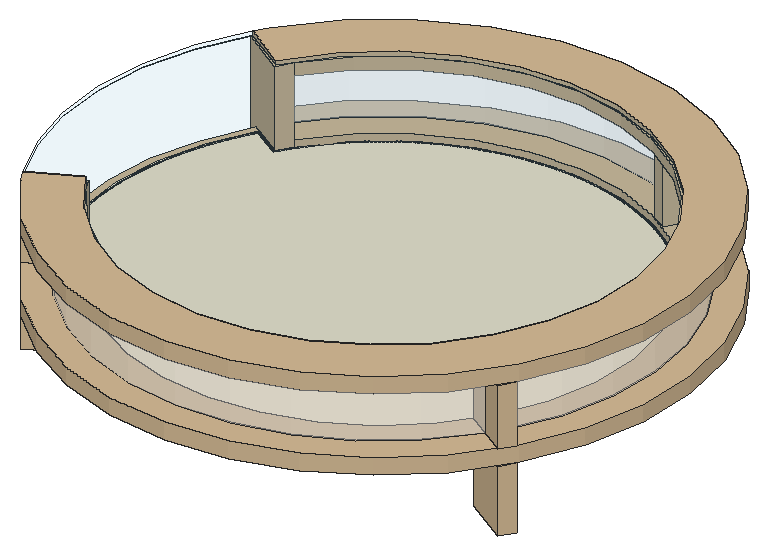
Revit family "MESA DE CENTRO M.A. 1,10M", category Modelos genéricos, Revit 2024 (continued)
Forms (cm)
  Extrusion 114, solid, material "COURO"
    sketch origin (1341.6384, -49.72, 4.1881) x (0.997871, 0.06522, 0) y (-0.06522, 0.997871, 0)
      loop
        arc (683.405, -74.3579) -> (683.4547, -74.503) -> (683.5052, -74.6479) r 26.2
        line (683.5052, -74.6479) -> (683.6068, -74.6354)
        arc (683.6068, -74.6354) -> (683.5562, -74.4906) -> (683.5064, -74.3454) r 26.1
        line (683.5064, -74.3454) -> (683.405, -74.3579)
    from 44.4346 to 44.4509
  Extrusion 115, solid, material "COURO"
    sketch origin (1341.5556, -55.9756, 4.1881) x (0.99728, 0.073706, 0) y (-0.073706, 0.99728, 0)
      loop
        arc (683.405, -74.3579) -> (683.4547, -74.503) -> (683.5052, -74.6479) r 26.2
        line (683.5052, -74.6479) -> (683.6068, -74.6354)
        arc (683.6068, -74.6354) -> (683.5562, -74.4906) -> (683.5064, -74.3454) r 26.1
        line (683.5064, -74.3454) -> (683.405, -74.3579)
    from 44.4346 to 44.4509
  Extrusion 116, solid, material "COURO"
    sketch origin (1341.526, -62.2316, 4.1881) x (0.996617, 0.082187, 0) y (-0.082187, 0.996617, 0)
      loop
        arc (683.405, -74.3579) -> (683.4547, -74.503) -> (683.5052, -74.6479) r 26.2
        line (683.5052, -74.6479) -> (683.6068, -74.6354)
        arc (683.6068, -74.6354) -> (683.5562, -74.4906) -> (683.5064, -74.3454) r 26.1
        line (683.5064, -74.3454) -> (683.405, -74.3579)
    from 44.4346 to 44.4509
  Extrusion 117, solid, material "COURO"
    sketch origin (1341.5497, -68.4876, 4.1881) x (0.995882, 0.090662, 0) y (-0.090662, 0.995882, 0)
      loop
        arc (683.405, -74.3579) -> (683.4547, -74.503) -> (683.5052, -74.6479) r 26.2
        line (683.5052, -74.6479) -> (683.6068, -74.6354)
        arc (683.6068, -74.6354) -> (683.5562, -74.4906) -> (683.5064, -74.3454) r 26.1
        line (683.5064, -74.3454) -> (683.405, -74.3579)
    from 44.4346 to 44.4509
  Extrusion 118, solid, material "COURO"
    sketch origin (1341.6265, -74.7433, 4.1881) x (0.995074, 0.09913, 0) y (-0.09913, 0.995074, 0)
      loop
        arc (683.405, -74.3579) -> (683.4547, -74.503) -> (683.5052, -74.6479) r 26.2
        line (683.5052, -74.6479) -> (683.6068, -74.6354)
        arc (683.6068, -74.6354) -> (683.5562, -74.4906) -> (683.5064, -74.3454) r 26.1
        line (683.5064, -74.3454) -> (683.405, -74.3579)
    from 44.4346 to 44.4509
  Extrusion 119, solid, material "COURO"
    sketch origin (1341.7566, -80.998, 4.1881) x (0.994195, 0.107591, 0) y (-0.107591, 0.994195, 0)
      loop
        arc (683.405, -74.3579) -> (683.4547, -74.503) -> (683.5052, -74.6479) r 26.2
        line (683.5052, -74.6479) -> (683.6068, -74.6354)
        arc (683.6068, -74.6354) -> (683.5562, -74.4906) -> (683.5064, -74.3454) r 26.1
        line (683.5064, -74.3454) -> (683.405, -74.3579)
    from 44.4346 to 44.4509
  Extrusion 120, solid, material "COURO"
    sketch origin (1341.9399, -87.2514, 4.1881) x (0.993244, 0.116044, 0) y (-0.116044, 0.993244, 0)
      loop
        arc (683.405, -74.3579) -> (683.4547, -74.503) -> (683.5052, -74.6479) r 26.2
        line (683.5052, -74.6479) -> (683.6068, -74.6354)
        arc (683.6068, -74.6354) -> (683.5562, -74.4906) -> (683.5064, -74.3454) r 26.1
        line (683.5064, -74.3454) -> (683.405, -74.3579)
    from 44.4346 to 44.4509
  Extrusion 121, solid, material "COURO"
    sketch origin (1342.1764, -93.5031, 4.1881) x (0.992221, 0.124489, 0) y (-0.124489, 0.992221, 0)
      loop
        arc (683.405, -74.3579) -> (683.4547, -74.503) -> (683.5052, -74.6479) r 26.2
        line (683.5052, -74.6479) -> (683.6068, -74.6354)
        arc (683.6068, -74.6354) -> (683.5562, -74.4906) -> (683.5064, -74.3454) r 26.1
        line (683.5064, -74.3454) -> (683.405, -74.3579)
    from 44.4346 to 44.4509
  Extrusion 122, solid, material "COURO"
    sketch origin (1342.466, -99.7525, 4.1881) x (0.991126, 0.132925, 0) y (-0.132925, 0.991126, 0)
      loop
        arc (683.405, -74.3579) -> (683.4547, -74.503) -> (683.5052, -74.6479) r 26.2
        line (683.5052, -74.6479) -> (683.6068, -74.6354)
        arc (683.6068, -74.6354) -> (683.5562, -74.4906) -> (683.5064, -74.3454) r 26.1
        line (683.5064, -74.3454) -> (683.405, -74.3579)
    from 44.4346 to 44.4509
  Extrusion 123, solid, material "COURO"
    sketch origin (1342.8088, -105.9992, 4.1881) x (0.989959, 0.141351, 0) y (-0.141351, 0.989959, 0)
      loop
        arc (683.405, -74.3579) -> (683.4547, -74.503) -> (683.5052, -74.6479) r 26.2
        line (683.5052, -74.6479) -> (683.6068, -74.6354)
        arc (683.6068, -74.6354) -> (683.5562, -74.4906) -> (683.5064, -74.3454) r 26.1
        line (683.5064, -74.3454) -> (683.405, -74.3579)
    from 44.4346 to 44.4509
  Extrusion 124, solid, material "COURO"
    sketch origin (1343.2047, -112.2427, 4.1881) x (0.988721, 0.149767, 0) y (-0.149767, 0.988721, 0)
      loop
        arc (683.405, -74.3579) -> (683.4547, -74.503) -> (683.5052, -74.6479) r 26.2
        line (683.5052, -74.6479) -> (683.6068, -74.6354)
        arc (683.6068, -74.6354) -> (683.5562, -74.4906) -> (683.5064, -74.3454) r 26.1
        line (683.5064, -74.3454) -> (683.405, -74.3579)
    from 44.4346 to 44.4509
  Extrusion 125, solid, material "COURO"
    sketch origin (1343.6537, -118.4827, 4.1881) x (0.987411, 0.158173, 0) y (-0.158173, 0.987411, 0)
      loop
        arc (683.405, -74.3579) -> (683.4547, -74.503) -> (683.5052, -74.6479) r 26.2
        line (683.5052, -74.6479) -> (683.6068, -74.6354)
        arc (683.6068, -74.6354) -> (683.5562, -74.4906) -> (683.5064, -74.3454) r 26.1
        line (683.5064, -74.3454) -> (683.405, -74.3579)
    from 44.4346 to 44.4509
  Extrusion 126, solid, material "COURO"
    sketch origin (1344.1558, -124.7186, 4.1881) x (0.98603, 0.166566, 0) y (-0.166566, 0.98603, 0)
      loop
        arc (683.405, -74.3579) -> (683.4547, -74.503) -> (683.5052, -74.6479) r 26.2
        line (683.5052, -74.6479) -> (683.6068, -74.6354)
        arc (683.6068, -74.6354) -> (683.5562, -74.4906) -> (683.5064, -74.3454) r 26.1
        line (683.5064, -74.3454) -> (683.405, -74.3579)
    from 44.4346 to 44.4509
  Extrusion 127, solid, material "COURO"
    sketch origin (1344.7109, -130.95, 4.1881) x (0.984578, 0.174948, 0) y (-0.174948, 0.984578, 0)
      loop
        arc (683.405, -74.3579) -> (683.4547, -74.503) -> (683.5052, -74.6479) r 26.2
        line (683.5052, -74.6479) -> (683.6068, -74.6354)
        arc (683.6068, -74.6354) -> (683.5562, -74.4906) -> (683.5064, -74.3454) r 26.1
        line (683.5064, -74.3454) -> (683.405, -74.3579)
    from 44.4346 to 44.4509
  Extrusion 128, solid, material "COURO"
    sketch origin (1345.319, -137.1765, 4.1881) x (0.983054, 0.183317, 0) y (-0.183317, 0.983054, 0)
      loop
        arc (683.405, -74.3579) -> (683.4547, -74.503) -> (683.5052, -74.6479) r 26.2
        line (683.5052, -74.6479) -> (683.6068, -74.6354)
        arc (683.6068, -74.6354) -> (683.5562, -74.4906) -> (683.5064, -74.3454) r 26.1
        line (683.5064, -74.3454) -> (683.405, -74.3579)
    from 44.4346 to 44.4509
  Extrusion 129, solid, material "COURO"
    sketch origin (1345.98, -143.3976, 4.1881) x (0.981459, 0.191673, 0) y (-0.191673, 0.981459, 0)
      loop
        arc (683.405, -74.3579) -> (683.4547, -74.503) -> (683.5052, -74.6479) r 26.2
        line (683.5052, -74.6479) -> (683.6068, -74.6354)
        arc (683.6068, -74.6354) -> (683.5562, -74.4906) -> (683.5064, -74.3454) r 26.1
        line (683.5064, -74.3454) -> (683.405, -74.3579)
    from 44.4346 to 44.4509
  Extrusion 130, solid, material "COURO"
    sketch origin (1346.694, -149.6128, 4.1881) x (0.979793, 0.200015, 0) y (-0.200015, 0.979793, 0)
      loop
        arc (683.405, -74.3579) -> (683.4547, -74.503) -> (683.5052, -74.6479) r 26.2
        line (683.5052, -74.6479) -> (683.6068, -74.6354)
        arc (683.6068, -74.6354) -> (683.5562, -74.4906) -> (683.5064, -74.3454) r 26.1
        line (683.5064, -74.3454) -> (683.405, -74.3579)
    from 44.4346 to 44.4509
  Extrusion 131, solid, material "COURO"
    sketch origin (1347.4608, -155.8218, 4.1881) x (0.978056, 0.208342, 0) y (-0.208342, 0.978056, 0)
      loop
        arc (683.405, -74.3579) -> (683.4547, -74.503) -> (683.5052, -74.6479) r 26.2
        line (683.5052, -74.6479) -> (683.6068, -74.6354)
        arc (683.6068, -74.6354) -> (683.5562, -74.4906) -> (683.5064, -74.3454) r 26.1
        line (683.5064, -74.3454) -> (683.405, -74.3579)
    from 44.4346 to 44.4509
  Extrusion 132, solid, material "COURO"
    sketch origin (1348.2803, -162.024, 4.1881) x (0.976248, 0.216654, 0) y (-0.216654, 0.976248, 0)
      loop
        arc (683.405, -74.3579) -> (683.4547, -74.503) -> (683.5052, -74.6479) r 26.2
        line (683.5052, -74.6479) -> (683.6068, -74.6354)
        arc (683.6068, -74.6354) -> (683.5562, -74.4906) -> (683.5064, -74.3454) r 26.1
        line (683.5064, -74.3454) -> (683.405, -74.3579)
    from 44.4346 to 44.4509
  Extrusion 133, solid, material "COURO"
    sketch origin (1601.5802, -623.7992, 4.1881) x (0.707107, 0.707107, 0) y (-0.707107, 0.707107, 0)
      loop
        line (683.7058, 74.3891) -> (683.6799, 74.2925) -> (683.9697, 74.2148) -> (683.9956, 74.3114) -> (683.7058, 74.3891)
      loop
        line (684.0922, 74.2856) -> (684.0663, 74.189) -> (684.3561, 74.1113) -> (684.382, 74.2079) -> (684.0922, 74.2856)
      loop
        line (684.4786, 74.182) -> (684.4527, 74.0854) -> (684.7425, 74.0078) -> (684.7683, 74.1044) -> (684.4786, 74.182)
      loop
        line (684.8649, 74.0785) -> (684.8391, 73.9819) -> (685.1288, 73.9043) -> (685.1547, 74.0009) -> (684.8649, 74.0785)
      loop
        line (685.2513, 73.975) -> (685.2254, 73.8784) -> (685.5152, 73.8007) -> (685.5411, 73.8973) -> (685.2513, 73.975)
      loop
        line (685.6377, 73.8714) -> (685.6118, 73.7749) -> (685.9016, 73.6972) -> (685.9275, 73.7938) -> (685.6377, 73.8714)
      loop
        line (686.024, 73.7679) -> (685.9982, 73.6713) -> (686.2879, 73.5937) -> (686.3138, 73.6903) -> (686.024, 73.7679)
      loop
        line (686.4104, 73.6644) -> (686.3845, 73.5678) -> (686.6743, 73.4902) -> (686.7002, 73.5867) -> (686.4104, 73.6644)
      loop
        line (686.7968, 73.5609) -> (686.7709, 73.4643) -> (687.0607, 73.3866) -> (687.0866, 73.4832) -> (686.7968, 73.5609)
      loop
        line (687.1832, 73.4573) -> (687.1573, 73.3607) -> (687.4471, 73.2831) -> (687.4729, 73.3797) -> (687.1832, 73.4573)
      loop
        line (687.5695, 73.3538) -> (687.5436, 73.2572) -> (687.8334, 73.1796) -> (687.8593, 73.2762) -> (687.5695, 73.3538)
      loop
        line (687.9559, 73.2503) -> (687.93, 73.1537) -> (688.2198, 73.076) -> (688.2457, 73.1726) -> (687.9559, 73.2503)
      loop
        line (688.3423, 73.1468) -> (688.3164, 73.0502) -> (688.6062, 72.9725) -> (688.632, 73.0691) -> (688.3423, 73.1468)
      loop
        line (688.7286, 73.0432) -> (688.7028, 72.9466) -> (688.9925, 72.869) -> (689.0184, 72.9656) -> (688.7286, 73.0432)
      loop
        line (689.115, 72.9397) -> (689.0891, 72.8431) -> (689.3789, 72.7655) -> (689.4048, 72.8621) -> (689.115, 72.9397)
      loop
        line (689.5014, 72.8362) -> (689.4755, 72.7396) -> (689.7653, 72.6619) -> (689.7912, 72.7585) -> (689.5014, 72.8362)
      loop
        line (683.8043, 74.9603) -> (683.7092, 74.9912) -> (683.6165, 74.7059) -> (683.7116, 74.675) -> (683.8043, 74.9603)
      loop
        line (683.6745, 74.5609) -> (683.5794, 74.5918) -> (683.4867, 74.3065) -> (683.5818, 74.2756) -> (683.6745, 74.5609)
    from 44.4346 to 44.4509
  Extrusion 134, solid, material "COURO"
    sketch origin (2864.7494, -237.4002, 48.6389) x (-0.963366, 0.268189, 0) y (-0.268189, -0.963366, 0)
      loop
        line (762.865, 30.5602) -> (762.9664, 30.6028) -> (762.8502, 30.8794) -> (762.7488, 30.8367) -> (762.865, 30.5602)
    from 0 to 0.0248
  Extrusion 135, solid, material "COURO"
    sketch origin (1355.2306, -198.799, 48.6389) x (0.964735, 0.263221, 0) y (-0.263221, 0.964735, 0)
      loop
        line (688.6838, -70.2123) -> (688.7852, -70.1697) -> (688.669, -69.8931) -> (688.5676, -69.9357) -> (688.6838, -70.2123)
    from 0 to 0.0248
  Extrusion 136, solid, material "COURO"
    sketch origin (1357.0891, -208.2748, 48.6389) x (0.961191, 0.275884, 0) y (-0.275884, 0.961191, 0)
      loop
        line (688.6838, -70.2123) -> (688.7852, -70.1697) -> (688.669, -69.8931) -> (688.5676, -69.9357) -> (688.6838, -70.2123)
    from 0 to 0.0248
  Extrusion 137, solid, material "COURO"
    sketch origin (1359.0722, -217.7253, 48.6389) x (0.95748, 0.2885, 0) y (-0.2885, 0.95748, 0)
      loop
        line (688.6838, -70.2123) -> (688.7852, -70.1697) -> (688.669, -69.8931) -> (688.5676, -69.9357) -> (688.6838, -70.2123)
    from 0 to 0.0248
  Extrusion 138, solid, material "COURO"
    sketch origin (1361.1793, -227.1489, 48.6389) x (0.953603, 0.301066, 0) y (-0.301066, 0.953603, 0)
      loop
        line (688.6838, -70.2123) -> (688.7852, -70.1697) -> (688.669, -69.8931) -> (688.5676, -69.9357) -> (688.6838, -70.2123)
    from 0 to 0.0248
  Extrusion 139, solid, material "COURO"
    sketch origin (1363.4102, -236.5439, 48.6389) x (0.949562, 0.313579, 0) y (-0.313579, 0.949562, 0)
      loop
        line (688.6838, -70.2123) -> (688.7852, -70.1697) -> (688.669, -69.8931) -> (688.5676, -69.9357) -> (688.6838, -70.2123)
    from 0 to 0.0248
  Extrusion 140, solid, material "COURO"
    sketch origin (1328.4924, -365.3607, 48.6389) x (0.945356, 0.326039, 0) y (-0.326039, 0.945356, 0)
      loop
        line (762.865, 30.5602) -> (762.9664, 30.6028) -> (762.8502, 30.8794) -> (762.7488, 30.8367) -> (762.865, 30.5602)
    from 0 to 0.0248
  Extrusion 141, solid, material "COURO"
    sketch origin (1368.2415, -255.242, 48.6389) x (0.940987, 0.338442, 0) y (-0.338442, 0.940987, 0)
      loop
        line (688.6838, -70.2123) -> (688.7852, -70.1697) -> (688.669, -69.8931) -> (688.5676, -69.9357) -> (688.6838, -70.2123)
    from 0 to 0.0248
  Extrusion 142, solid, material "COURO"
    sketch origin (1370.8412, -264.5418, 48.6389) x (0.936456, 0.350786, 0) y (-0.350786, 0.936456, 0)
      loop
        line (688.6838, -70.2123) -> (688.7852, -70.1697) -> (688.669, -69.8931) -> (688.5676, -69.9357) -> (688.6838, -70.2123)
    from 0 to 0.0248
  Extrusion 143, solid, material "COURO"
    sketch origin (1373.563, -273.8066, 48.6389) x (0.931762, 0.36307, 0) y (-0.36307, 0.931762, 0)
      loop
        line (688.6838, -70.2123) -> (688.7852, -70.1697) -> (688.669, -69.8931) -> (688.5676, -69.9357) -> (688.6838, -70.2123)
    from 0 to 0.0248
  Extrusion 144, solid, material "COURO"
    sketch origin (1376.4063, -283.0348, 48.6389) x (0.926907, 0.375291, 0) y (-0.375291, 0.926907, 0)
      loop
        line (688.6838, -70.2123) -> (688.7852, -70.1697) -> (688.669, -69.8931) -> (688.5676, -69.9357) -> (688.6838, -70.2123)
    from 0 to 0.0248
  Extrusion 145, solid, material "COURO"
    sketch origin (1379.3307, -292.2448, 48.6389) x (0.921892, 0.387447, 0) y (-0.387447, 0.921892, 0)
      loop
        line (688.6838, -70.2123) -> (688.7852, -70.1697) -> (688.669, -69.8931) -> (688.5676, -69.9357) -> (688.6838, -70.2123)
    from 0 to 0.0248
  Extrusion 146, solid, material "COURO"
    sketch origin (1382.3758, -301.395, 48.6389) x (0.916717, 0.399536, 0) y (-0.399536, 0.916717, 0)
      loop
        line (688.6838, -70.2123) -> (688.7852, -70.1697) -> (688.669, -69.8931) -> (688.5676, -69.9357) -> (688.6838, -70.2123)
    from 0 to 0.0248
  Extrusion 147, solid, material "COURO"
    sketch origin (1359.4467, -432.9161, 48.6389) x (0.911384, 0.411556, 0) y (-0.411556, 0.911384, 0)
      loop
        line (762.865, 30.5602) -> (762.9664, 30.6028) -> (762.8502, 30.8794) -> (762.7488, 30.8367) -> (762.865, 30.5602)
    from 0 to 0.0248
  Extrusion 148, solid, material "COURO"
    sketch origin (1364.3827, -442.3151, 48.6389) x (0.905894, 0.423505, 0) y (-0.423505, 0.905894, 0)
      loop
        line (762.865, 30.5602) -> (762.9664, 30.6028) -> (762.8502, 30.8794) -> (762.7488, 30.8367) -> (762.865, 30.5602)
    from 0 to 0.0248
  Extrusion 149, solid, material "COURO"
    sketch origin (1369.4419, -451.6484, 48.6389) x (0.900246, 0.435381, 0) y (-0.435381, 0.900246, 0)
      loop
        line (762.865, 30.5602) -> (762.9664, 30.6028) -> (762.8502, 30.8794) -> (762.7488, 30.8367) -> (762.865, 30.5602)
    from 0 to 0.0248
  Extrusion 150, solid, material "COURO"
    sketch origin (1374.6234, -460.9144, 48.6389) x (0.894443, 0.447181, 0) y (-0.447181, 0.894443, 0)
      loop
        line (762.865, 30.5602) -> (762.9664, 30.6028) -> (762.8502, 30.8794) -> (762.7488, 30.8367) -> (762.865, 30.5602)
    from 0 to 0.0248
  Extrusion 151, solid, material "COURO"
    sketch origin (1379.9262, -470.1114, 48.6389) x (0.888486, 0.458904, 0) y (-0.458904, 0.888486, 0)
      loop
        line (762.865, 30.5602) -> (762.9664, 30.6028) -> (762.8502, 30.8794) -> (762.7488, 30.8367) -> (762.865, 30.5602)
    from 0 to 0.0248
  Extrusion 152, solid, material "COURO"
    sketch origin (1385.3496, -479.2379, 48.6389) x (0.882375, 0.470548, 0) y (-0.470548, 0.882375, 0)
      loop
        line (762.865, 30.5602) -> (762.9664, 30.6028) -> (762.8502, 30.8794) -> (762.7488, 30.8367) -> (762.865, 30.5602)
    from 0 to 0.0248
  Extrusion 153, solid, material "COURO"
    sketch origin (1390.8925, -488.2923, 48.6389) x (0.876111, 0.48211, 0) y (-0.48211, 0.876111, 0)
      loop
        line (762.865, 30.5602) -> (762.9664, 30.6028) -> (762.8502, 30.8794) -> (762.7488, 30.8367) -> (762.865, 30.5602)
    from 0 to 0.0248
  Extrusion 154, solid, material "COURO"
    sketch origin (1396.5539, -497.273, 48.6389) x (0.869695, 0.493589, 0) y (-0.493589, 0.869695, 0)
      loop
        line (762.865, 30.5602) -> (762.9664, 30.6028) -> (762.8502, 30.8794) -> (762.7488, 30.8367) -> (762.865, 30.5602)
    from 0 to 0.0248
  Extrusion 155, solid, material "COURO"
    sketch origin (1402.333, -506.1785, 48.6389) x (0.86313, 0.504983, 0) y (-0.504983, 0.86313, 0)
      loop
        line (762.865, 30.5602) -> (762.9664, 30.6028) -> (762.8502, 30.8794) -> (762.7488, 30.8367) -> (762.865, 30.5602)
    from 0 to 0.0248
  Extrusion 156, solid, material "COURO"
    sketch origin (1408.2287, -515.0073, 48.6389) x (0.856415, 0.516289, 0) y (-0.516289, 0.856415, 0)
      loop
        line (762.865, 30.5602) -> (762.9664, 30.6028) -> (762.8502, 30.8794) -> (762.7488, 30.8367) -> (762.865, 30.5602)
    from 0 to 0.0248
  Extrusion 157, solid, material "COURO"
    sketch origin (1414.2399, -523.7577, 48.6389) x (0.849551, 0.527506, 0) y (-0.527506, 0.849551, 0)
      loop
        line (762.865, 30.5602) -> (762.9664, 30.6028) -> (762.8502, 30.8794) -> (762.7488, 30.8367) -> (762.865, 30.5602)
    from 0 to 0.0248
  Extrusion 158, solid, material "COURO"
    sketch origin (1420.3657, -532.4284, 48.6389) x (0.842541, 0.538631, 0) y (-0.538631, 0.842541, 0)
      loop
        line (762.865, 30.5602) -> (762.9664, 30.6028) -> (762.8502, 30.8794) -> (762.7488, 30.8367) -> (762.865, 30.5602)
    from 0 to 0.0248
  Extrusion 159, solid, material "COURO"
    sketch origin (1426.605, -541.0177, 48.6389) x (0.835386, 0.549664, 0) y (-0.549664, 0.835386, 0)
      loop
        line (762.865, 30.5602) -> (762.9664, 30.6028) -> (762.8502, 30.8794) -> (762.7488, 30.8367) -> (762.865, 30.5602)
    from 0 to 0.0248
  Extrusion 160, solid, material "COURO"
    sketch origin (1432.9567, -549.5243, 48.6389) x (0.828086, 0.560602, 0) y (-0.560602, 0.828086, 0)
      loop
        line (762.865, 30.5602) -> (762.9664, 30.6028) -> (762.8502, 30.8794) -> (762.7488, 30.8367) -> (762.865, 30.5602)
    from 0 to 0.0248
  Extrusion 161, solid, material "COURO"
    sketch origin (1439.4198, -557.9466, 48.6389) x (0.820642, 0.571442, 0) y (-0.571442, 0.820642, 0)
      loop
        line (762.865, 30.5602) -> (762.9664, 30.6028) -> (762.8502, 30.8794) -> (762.7488, 30.8367) -> (762.865, 30.5602)
    from 0 to 0.0248
  Extrusion 162, solid, material "COURO"
    sketch origin (1445.993, -566.2831, 48.6389) x (0.813057, 0.582184, 0) y (-0.582184, 0.813057, 0)
      loop
        line (762.865, 30.5602) -> (762.9664, 30.6028) -> (762.8502, 30.8794) -> (762.7488, 30.8367) -> (762.865, 30.5602)
    from 0 to 0.0248
  Extrusion 163, solid, material "COURO"
    sketch origin (1452.6752, -449.4009, 48.6389) x (0.805331, 0.592825, 0) y (-0.592825, 0.805331, 0)
      loop
        line (688.6838, -70.2123) -> (688.7852, -70.1697) -> (688.669, -69.8931) -> (688.5676, -69.9357) -> (688.6838, -70.2123)
    from 0 to 0.0248
  Extrusion 164, solid, material "COURO"
    sketch origin (1459.4654, -582.6934, 48.6389) x (0.797466, 0.603364, 0) y (-0.603364, 0.797466, 0)
      loop
        line (762.865, 30.5602) -> (762.9664, 30.6028) -> (762.8502, 30.8794) -> (762.7488, 30.8367) -> (762.865, 30.5602)
    from 0 to 0.0248
  Extrusion 165, solid, material "COURO"
    sketch origin (1466.3623, -590.7643, 48.6389) x (0.789463, 0.613798, 0) y (-0.613798, 0.789463, 0)
      loop
        line (762.865, 30.5602) -> (762.9664, 30.6028) -> (762.8502, 30.8794) -> (762.7488, 30.8367) -> (762.865, 30.5602)
    from 0 to 0.0248
  Extrusion 166, solid, material "COURO"
    sketch origin (1473.3647, -598.7437, 48.6389) x (0.781323, 0.624126, 0) y (-0.624126, 0.781323, 0)
      loop
        line (762.865, 30.5602) -> (762.9664, 30.6028) -> (762.8502, 30.8794) -> (762.7488, 30.8367) -> (762.865, 30.5602)
    from 0 to 0.0248
  Extrusion 167, solid, material "COURO"
    sketch origin (1480.4714, -606.6304, 48.6389) x (0.773049, 0.634347, 0) y (-0.634347, 0.773049, 0)
      loop
        line (762.865, 30.5602) -> (762.9664, 30.6028) -> (762.8502, 30.8794) -> (762.7488, 30.8367) -> (762.865, 30.5602)
    from 0 to 0.0248
  Extrusion 168, solid, material "COURO"
    sketch origin (1487.6813, -614.423, 48.6389) x (0.764641, 0.644457, 0) y (-0.644457, 0.764641, 0)
      loop
        line (762.865, 30.5602) -> (762.9664, 30.6028) -> (762.8502, 30.8794) -> (762.7488, 30.8367) -> (762.865, 30.5602)
    from 0 to 0.0248
  Extrusion 169, solid, material "COURO"
    sketch origin (1494.9929, -622.1201, 48.6389) x (0.7561, 0.654456, 0) y (-0.654456, 0.7561, 0)
      loop
        line (762.865, 30.5602) -> (762.9664, 30.6028) -> (762.8502, 30.8794) -> (762.7488, 30.8367) -> (762.865, 30.5602)
    from 0 to 0.0248
  Extrusion 170, solid, material "COURO"
    sketch origin (1502.4052, -629.7203, 48.6389) x (0.747429, 0.664342, 0) y (-0.664342, 0.747429, 0)
      loop
        line (762.865, 30.5602) -> (762.9664, 30.6028) -> (762.8502, 30.8794) -> (762.7488, 30.8367) -> (762.865, 30.5602)
    from 0 to 0.0248
  Extrusion 171, solid, material "COURO"
    sketch origin (1509.9168, -637.2225, 48.6389) x (0.738628, 0.674113, 0) y (-0.674113, 0.738628, 0)
      loop
        line (762.865, 30.5602) -> (762.9664, 30.6028) -> (762.8502, 30.8794) -> (762.7488, 30.8367) -> (762.865, 30.5602)
    from 0 to 0.0248
  Extrusion 172, solid, material "COURO"
    sketch origin (1517.5263, -644.6252, 48.6389) x (0.7297, 0.683768, 0) y (-0.683768, 0.7297, 0)
      loop
        line (762.865, 30.5602) -> (762.9664, 30.6028) -> (762.8502, 30.8794) -> (762.7488, 30.8367) -> (762.865, 30.5602)
    from 0 to 0.0248
  Extrusion 173, solid, material "COURO"
    sketch origin (1525.2326, -651.9272, 48.6389) x (0.720645, 0.693304, 0) y (-0.693304, 0.720645, 0)
      loop
        line (762.865, 30.5602) -> (762.9664, 30.6028) -> (762.8502, 30.8794) -> (762.7488, 30.8367) -> (762.865, 30.5602)
    from 0 to 0.0248
  Extrusion 174, solid, material "COURO"
    sketch origin (1533.0342, -659.1272, 48.6389) x (0.711466, 0.70272, 0) y (-0.70272, 0.711466, 0)
      loop
        line (762.865, 30.5602) -> (762.9664, 30.6028) -> (762.8502, 30.8794) -> (762.7488, 30.8367) -> (762.865, 30.5602)
    from 0 to 0.0248
  Extrusion 175, solid, material "COURO"
    sketch origin (1540.9298, -666.2241, 48.6389) x (0.702164, 0.712015, 0) y (-0.712015, 0.702164, 0)
      loop
        line (762.865, 30.5602) -> (762.9664, 30.6028) -> (762.8502, 30.8794) -> (762.7488, 30.8367) -> (762.865, 30.5602)
    from 0 to 0.0248
  Extrusion 176, solid, material "COURO"
    sketch origin (1548.918, -673.2164, 48.6389) x (0.692741, 0.721187, 0) y (-0.721187, 0.692741, 0)
      loop
        line (762.865, 30.5602) -> (762.9664, 30.6028) -> (762.8502, 30.8794) -> (762.7488, 30.8367) -> (762.865, 30.5602)
    from 0 to 0.0248
  Extrusion 177, solid, material "COURO"
    sketch origin (1556.9975, -680.1032, 48.6389) x (0.683197, 0.730234, 0) y (-0.730234, 0.683197, 0)
      loop
        line (762.865, 30.5602) -> (762.9664, 30.6028) -> (762.8502, 30.8794) -> (762.7488, 30.8367) -> (762.865, 30.5602)
    from 0 to 0.0248
  Extrusion 178, solid, material "COURO"
    sketch origin (1565.1669, -686.8831, 48.6389) x (0.673536, 0.739154, 0) y (-0.739154, 0.673536, 0)
      loop
        line (762.865, 30.5602) -> (762.9664, 30.6028) -> (762.8502, 30.8794) -> (762.7488, 30.8367) -> (762.865, 30.5602)
    from 0 to 0.0248
  Extrusion 179, solid, material "COURO"
    sketch origin (1573.4247, -693.555, 48.6389) x (0.663758, 0.747947, 0) y (-0.747947, 0.663758, 0)
      loop
        line (762.865, 30.5602) -> (762.9664, 30.6028) -> (762.8502, 30.8794) -> (762.7488, 30.8367) -> (762.865, 30.5602)
    from 0 to 0.0248
  Extrusion 180, solid, material "COURO"
    sketch origin (1581.7695, -700.1177, 48.6389) x (0.653865, 0.756611, 0) y (-0.756611, 0.653865, 0)
      loop
        line (762.865, 30.5602) -> (762.9664, 30.6028) -> (762.8502, 30.8794) -> (762.7488, 30.8367) -> (762.865, 30.5602)
    from 0 to 0.0248
  Extrusion 181, solid, material "COURO"
    sketch origin (1590.1999, -706.5702, 48.6389) x (0.64386, 0.765144, 0) y (-0.765144, 0.64386, 0)
      loop
        line (762.865, 30.5602) -> (762.9664, 30.6028) -> (762.8502, 30.8794) -> (762.7488, 30.8367) -> (762.865, 30.5602)
    from 0 to 0.0248
  Extrusion 182, solid, material "COURO"
    sketch origin (1598.7145, -712.9112, 48.6389) x (0.633743, 0.773544, 0) y (-0.773544, 0.633743, 0)
      loop
        line (762.865, 30.5602) -> (762.9664, 30.6028) -> (762.8502, 30.8794) -> (762.7488, 30.8367) -> (762.865, 30.5602)
    from 0 to 0.0248
  Extrusion 183, solid, material "COURO"
    sketch origin (1607.3116, -719.1397, 48.6389) x (0.623516, 0.781811, 0) y (-0.781811, 0.623516, 0)
      loop
        line (762.865, 30.5602) -> (762.9664, 30.6028) -> (762.8502, 30.8794) -> (762.7488, 30.8367) -> (762.865, 30.5602)
    from 0 to 0.0248
  Extrusion 184, solid, material "COURO"
    sketch origin (1615.99, -725.2546, 48.6389) x (0.613181, 0.789942, 0) y (-0.789942, 0.613181, 0)
      loop
        line (762.865, 30.5602) -> (762.9664, 30.6028) -> (762.8502, 30.8794) -> (762.7488, 30.8367) -> (762.865, 30.5602)
    from 0 to 0.0248
  Extrusion 185, solid, material "COURO"
    sketch origin (1624.748, -731.2549, 48.6389) x (0.602741, 0.797937, 0) y (-0.797937, 0.602741, 0)
      loop
        line (762.865, 30.5602) -> (762.9664, 30.6028) -> (762.8502, 30.8794) -> (762.7488, 30.8367) -> (762.865, 30.5602)
    from 0 to 0.0248
  Extrusion 186, solid, material "COURO"
    sketch origin (1633.5841, -737.1394, 48.6389) x (0.592196, 0.805794, 0) y (-0.805794, 0.592196, 0)
      loop
        line (762.865, 30.5602) -> (762.9664, 30.6028) -> (762.8502, 30.8794) -> (762.7488, 30.8367) -> (762.865, 30.5602)
    from 0 to 0.0248
  Extrusion 187, solid, material "COURO"
    sketch origin (1642.4969, -742.9073, 48.6389) x (0.581549, 0.813511, 0) y (-0.813511, 0.581549, 0)
      loop
        line (762.865, 30.5602) -> (762.9664, 30.6028) -> (762.8502, 30.8794) -> (762.7488, 30.8367) -> (762.865, 30.5602)
    from 0 to 0.0248
  Extrusion 188, solid, material "COURO"
    sketch origin (1651.4847, -748.5575, 48.6389) x (0.570801, 0.821088, 0) y (-0.821088, 0.570801, 0)
      loop
        line (762.865, 30.5602) -> (762.9664, 30.6028) -> (762.8502, 30.8794) -> (762.7488, 30.8367) -> (762.865, 30.5602)
    from 0 to 0.0248
  Extrusion 189, solid, material "COURO"
    sketch origin (1660.546, -754.089, 48.6389) x (0.559955, 0.828523, 0) y (-0.828523, 0.559955, 0)
      loop
        line (762.865, 30.5602) -> (762.9664, 30.6028) -> (762.8502, 30.8794) -> (762.7488, 30.8367) -> (762.865, 30.5602)
    from 0 to 0.0248
  Extrusion 190, solid, material "COURO"
    sketch origin (1669.6793, -759.5009, 48.6389) x (0.549011, 0.835815, 0) y (-0.835815, 0.549011, 0)
      loop
        line (762.865, 30.5602) -> (762.9664, 30.6028) -> (762.8502, 30.8794) -> (762.7488, 30.8367) -> (762.865, 30.5602)
    from 0 to 0.0248
  Extrusion 191, solid, material "COURO"
    sketch origin (1678.883, -764.7922, 48.6389) x (0.537973, 0.842962, 0) y (-0.842962, 0.537973, 0)
      loop
        line (762.865, 30.5602) -> (762.9664, 30.6028) -> (762.8502, 30.8794) -> (762.7488, 30.8367) -> (762.865, 30.5602)
    from 0 to 0.0248
  Extrusion 192, solid, material "COURO"
    sketch origin (1688.1555, -769.962, 48.6389) x (0.526842, 0.849963, 0) y (-0.849963, 0.526842, 0)
      loop
        line (762.865, 30.5602) -> (762.9664, 30.6028) -> (762.8502, 30.8794) -> (762.7488, 30.8367) -> (762.865, 30.5602)
    from 0 to 0.0248
  Extrusion 193, solid, material "COURO"
    sketch origin (1697.4951, -775.0095, 48.6389) x (0.51562, 0.856818, 0) y (-0.856818, 0.51562, 0)
      loop
        line (762.865, 30.5602) -> (762.9664, 30.6028) -> (762.8502, 30.8794) -> (762.7488, 30.8367) -> (762.865, 30.5602)
    from 0 to 0.0248
  Extrusion 194, solid, material "COURO"
    sketch origin (1706.9003, -779.9337, 48.6389) x (0.504308, 0.863524, 0) y (-0.863524, 0.504308, 0)
      loop
        line (762.865, 30.5602) -> (762.9664, 30.6028) -> (762.8502, 30.8794) -> (762.7488, 30.8367) -> (762.865, 30.5602)
    from 0 to 0.0248
  Extrusion 195, solid, material "COURO"
    sketch origin (1716.3695, -784.7338, 48.6389) x (0.49291, 0.870081, 0) y (-0.870081, 0.49291, 0)
      loop
        line (762.865, 30.5602) -> (762.9664, 30.6028) -> (762.8502, 30.8794) -> (762.7488, 30.8367) -> (762.865, 30.5602)
    from 0 to 0.0248
  Extrusion 196, solid, material "COURO"
    sketch origin (1725.9009, -789.4089, 48.6389) x (0.481426, 0.876487, 0) y (-0.876487, 0.481426, 0)
      loop
        line (762.865, 30.5602) -> (762.9664, 30.6028) -> (762.8502, 30.8794) -> (762.7488, 30.8367) -> (762.865, 30.5602)
    from 0 to 0.0248
  Extrusion 197, solid, material "COURO"
    sketch origin (1735.493, -793.9584, 48.6389) x (0.469858, 0.882742, 0) y (-0.882742, 0.469858, 0)
      loop
        line (762.865, 30.5602) -> (762.9664, 30.6028) -> (762.8502, 30.8794) -> (762.7488, 30.8367) -> (762.865, 30.5602)
    from 0 to 0.0248
  Extrusion 198, solid, material "COURO"
    sketch origin (1745.1441, -798.3813, 48.6389) x (0.45821, 0.888844, 0) y (-0.888844, 0.45821, 0)
      loop
        line (762.865, 30.5602) -> (762.9664, 30.6028) -> (762.8502, 30.8794) -> (762.7488, 30.8367) -> (762.865, 30.5602)
    from 0 to 0.0248
  Extrusion 199, solid, material "COURO"
    sketch origin (1754.8525, -802.6769, 48.6389) x (0.446482, 0.894792, 0) y (-0.894792, 0.446482, 0)
      loop
        line (762.865, 30.5602) -> (762.9664, 30.6028) -> (762.8502, 30.8794) -> (762.7488, 30.8367) -> (762.865, 30.5602)
    from 0 to 0.0248
  Extrusion 200, solid, material "COURO"
    sketch origin (1764.6166, -806.8444, 48.6389) x (0.434677, 0.900586, 0) y (-0.900586, 0.434677, 0)
      loop
        line (762.865, 30.5602) -> (762.9664, 30.6028) -> (762.8502, 30.8794) -> (762.7488, 30.8367) -> (762.865, 30.5602)
    from 0 to 0.0248
  Extrusion 201, solid, material "COURO"
    sketch origin (1774.4346, -810.8832, 48.6389) x (0.422797, 0.906224, 0) y (-0.906224, 0.422797, 0)
      loop
        line (762.865, 30.5602) -> (762.9664, 30.6028) -> (762.8502, 30.8794) -> (762.7488, 30.8367) -> (762.865, 30.5602)
    from 0 to 0.0248
  Extrusion 202, solid, material "COURO"
    sketch origin (1784.3049, -814.7926, 48.6389) x (0.410844, 0.911706, 0) y (-0.911706, 0.410844, 0)
      loop
        line (762.865, 30.5602) -> (762.9664, 30.6028) -> (762.8502, 30.8794) -> (762.7488, 30.8367) -> (762.865, 30.5602)
    from 0 to 0.0248
  Extrusion 203, solid, material "COURO"
    sketch origin (1794.2258, -818.5718, 48.6389) x (0.39882, 0.917029, 0) y (-0.917029, 0.39882, 0)
      loop
        line (762.865, 30.5602) -> (762.9664, 30.6028) -> (762.8502, 30.8794) -> (762.7488, 30.8367) -> (762.865, 30.5602)
    from 0 to 0.0248
  Extrusion 204, solid, material "COURO"
    sketch origin (1804.1954, -822.2203, 48.6389) x (0.386727, 0.922194, 0) y (-0.922194, 0.386727, 0)
      loop
        line (762.865, 30.5602) -> (762.9664, 30.6028) -> (762.8502, 30.8794) -> (762.7488, 30.8367) -> (762.865, 30.5602)
    from 0 to 0.0248
  Extrusion 205, solid, material "COURO"
    sketch origin (1814.2122, -825.7373, 48.6389) x (0.374567, 0.9272, 0) y (-0.9272, 0.374567, 0)
      loop
        line (762.865, 30.5602) -> (762.9664, 30.6028) -> (762.8502, 30.8794) -> (762.7488, 30.8367) -> (762.865, 30.5602)
    from 0 to 0.0248
  Extrusion 206, solid, material "COURO"
    sketch origin (1824.2744, -829.1223, 48.6389) x (0.362342, 0.932045, 0) y (-0.932045, 0.362342, 0)
      loop
        line (762.865, 30.5602) -> (762.9664, 30.6028) -> (762.8502, 30.8794) -> (762.7488, 30.8367) -> (762.865, 30.5602)
    from 0 to 0.0248
  Extrusion 207, solid, material "COURO"
    sketch origin (1834.3802, -832.3747, 48.6389) x (0.350055, 0.936729, 0) y (-0.936729, 0.350055, 0)
      loop
        line (762.865, 30.5602) -> (762.9664, 30.6028) -> (762.8502, 30.8794) -> (762.7488, 30.8367) -> (762.865, 30.5602)
    from 0 to 0.0248
  Extrusion 208, solid, material "COURO"
    sketch origin (1844.5279, -835.494, 48.6389) x (0.337707, 0.941251, 0) y (-0.941251, 0.337707, 0)
      loop
        line (762.865, 30.5602) -> (762.9664, 30.6028) -> (762.8502, 30.8794) -> (762.7488, 30.8367) -> (762.865, 30.5602)
    from 0 to 0.0248
  Extrusion 209, solid, material "COURO"
    sketch origin (1854.7158, -838.4795, 48.6389) x (0.3253, 0.945611, 0) y (-0.945611, 0.3253, 0)
      loop
        line (762.865, 30.5602) -> (762.9664, 30.6028) -> (762.8502, 30.8794) -> (762.7488, 30.8367) -> (762.865, 30.5602)
    from 0 to 0.0248
  Extrusion 210, solid, material "COURO"
    sketch origin (1864.942, -841.3308, 48.6389) x (0.312838, 0.949807, 0) y (-0.949807, 0.312838, 0)
      loop
        line (762.865, 30.5602) -> (762.9664, 30.6028) -> (762.8502, 30.8794) -> (762.7488, 30.8367) -> (762.865, 30.5602)
    from 0 to 0.0248
  Extrusion 211, solid, material "COURO"
    sketch origin (1875.2048, -844.0474, 48.6389) x (0.300321, 0.953838, 0) y (-0.953838, 0.300321, 0)
      loop
        line (762.865, 30.5602) -> (762.9664, 30.6028) -> (762.8502, 30.8794) -> (762.7488, 30.8367) -> (762.865, 30.5602)
    from 0 to 0.0248
  Extrusion 212, solid, material "COURO"
    sketch origin (1885.5025, -846.6288, 48.6389) x (0.287752, 0.957705, 0) y (-0.957705, 0.287752, 0)
      loop
        line (762.865, 30.5602) -> (762.9664, 30.6028) -> (762.8502, 30.8794) -> (762.7488, 30.8367) -> (762.865, 30.5602)
    from 0 to 0.0248
  Extrusion 213, solid, material "COURO"
    sketch origin (1895.8332, -849.0745, 48.6389) x (0.275134, 0.961406, 0) y (-0.961406, 0.275134, 0)
      loop
        line (762.865, 30.5602) -> (762.9664, 30.6028) -> (762.8502, 30.8794) -> (762.7488, 30.8367) -> (762.865, 30.5602)
    from 0 to 0.0248
  Extrusion 214, solid, material "COURO"
    sketch origin (1906.1952, -851.3842, 48.6389) x (0.262468, 0.964941, 0) y (-0.964941, 0.262468, 0)
      loop
        line (762.865, 30.5602) -> (762.9664, 30.6028) -> (762.8502, 30.8794) -> (762.7488, 30.8367) -> (762.865, 30.5602)
    from 0 to 0.0248
  Extrusion 215, solid, material "COURO"
    sketch origin (1916.5867, -853.5575, 48.6389) x (0.249756, 0.968309, 0) y (-0.968309, 0.249756, 0)
      loop
        line (762.865, 30.5602) -> (762.9664, 30.6028) -> (762.8502, 30.8794) -> (762.7488, 30.8367) -> (762.865, 30.5602)
    from 0 to 0.0248
  Extrusion 216, solid, material "COURO"
    sketch origin (1927.0059, -855.5939, 48.6389) x (0.237002, 0.971509, 0) y (-0.971509, 0.237002, 0)
      loop
        line (762.865, 30.5602) -> (762.9664, 30.6028) -> (762.8502, 30.8794) -> (762.7488, 30.8367) -> (762.865, 30.5602)
    from 0 to 0.0248
  Extrusion 217, solid, material "COURO"
    sketch origin (1937.4509, -857.4931, 48.6389) x (0.224206, 0.974542, 0) y (-0.974542, 0.224206, 0)
      loop
        line (762.865, 30.5602) -> (762.9664, 30.6028) -> (762.8502, 30.8794) -> (762.7488, 30.8367) -> (762.865, 30.5602)
    from 0 to 0.0248
  Extrusion 218, solid, material "COURO"
    sketch origin (1947.92, -859.2548, 48.6389) x (0.211372, 0.977406, 0) y (-0.977406, 0.211372, 0)
      loop
        line (762.865, 30.5602) -> (762.9664, 30.6028) -> (762.8502, 30.8794) -> (762.7488, 30.8367) -> (762.865, 30.5602)
    from 0 to 0.0248
  Extrusion 219, solid, material "COURO"
    sketch origin (1958.4113, -860.8787, 48.6389) x (0.198501, 0.980101, 0) y (-0.980101, 0.198501, 0)
      loop
        line (762.865, 30.5602) -> (762.9664, 30.6028) -> (762.8502, 30.8794) -> (762.7488, 30.8367) -> (762.865, 30.5602)
    from 0 to 0.0248
  Extrusion 220, solid, material "COURO"
    sketch origin (1968.9231, -862.3645, 48.6389) x (0.185596, 0.982626, 0) y (-0.982626, 0.185596, 0)
      loop
        line (762.865, 30.5602) -> (762.9664, 30.6028) -> (762.8502, 30.8794) -> (762.7488, 30.8367) -> (762.865, 30.5602)
    from 0 to 0.0248
  Extrusion 221, solid, material "COURO"
    sketch origin (1979.4536, -863.712, 48.6389) x (0.172658, 0.984982, 0) y (-0.984982, 0.172658, 0)
      loop
        line (762.865, 30.5602) -> (762.9664, 30.6028) -> (762.8502, 30.8794) -> (762.7488, 30.8367) -> (762.865, 30.5602)
    from 0 to 0.0248
  Extrusion 222, solid, material "COURO"
    sketch origin (1990.0008, -864.9208, 48.6389) x (0.159691, 0.987167, 0) y (-0.987167, 0.159691, 0)
      loop
        line (762.865, 30.5602) -> (762.9664, 30.6028) -> (762.8502, 30.8794) -> (762.7488, 30.8367) -> (762.865, 30.5602)
    from 0 to 0.0248
  Extrusion 223, solid, material "COURO"
    sketch origin (2000.563, -865.9909, 48.6389) x (0.146696, 0.989182, 0) y (-0.989182, 0.146696, 0)
      loop
        line (762.865, 30.5602) -> (762.9664, 30.6028) -> (762.8502, 30.8794) -> (762.7488, 30.8367) -> (762.865, 30.5602)
    from 0 to 0.0248
  Extrusion 224, solid, material "COURO"
    sketch origin (2011.1384, -866.922, 48.6389) x (0.133676, 0.991025, 0) y (-0.991025, 0.133676, 0)
      loop
        line (762.865, 30.5602) -> (762.9664, 30.6028) -> (762.8502, 30.8794) -> (762.7488, 30.8367) -> (762.865, 30.5602)
    from 0 to 0.0248
  Extrusion 225, solid, material "COURO"
    sketch origin (2021.7251, -867.7139, 48.6389) x (0.120633, 0.992697, 0) y (-0.992697, 0.120633, 0)
      loop
        line (762.865, 30.5602) -> (762.9664, 30.6028) -> (762.8502, 30.8794) -> (762.7488, 30.8367) -> (762.865, 30.5602)
    from 0 to 0.0248
  Extrusion 226, solid, material "COURO"
    sketch origin (2032.3214, -868.3665, 48.6389) x (0.107569, 0.994198, 0) y (-0.994198, 0.107569, 0)
      loop
        line (762.865, 30.5602) -> (762.9664, 30.6028) -> (762.8502, 30.8794) -> (762.7488, 30.8367) -> (762.865, 30.5602)
    from 0 to 0.0248
  Extrusion 227, solid, material "COURO"
    sketch origin (2042.9252, -868.8798, 48.6389) x (0.094486, 0.995526, 0) y (-0.995526, 0.094486, 0)
      loop
        line (762.865, 30.5602) -> (762.9664, 30.6028) -> (762.8502, 30.8794) -> (762.7488, 30.8367) -> (762.865, 30.5602)
    from 0 to 0.0248
  Extrusion 228, solid, material "COURO"
    sketch origin (2053.5349, -869.2536, 48.6389) x (0.081387, 0.996683, 0) y (-0.996683, 0.081387, 0)
      loop
        line (762.865, 30.5602) -> (762.9664, 30.6028) -> (762.8502, 30.8794) -> (762.7488, 30.8367) -> (762.865, 30.5602)
    from 0 to 0.0248
  Extrusion 229, solid, material "COURO"
    sketch origin (2064.1487, -869.4878, 48.6389) x (0.068274, 0.997667, 0) y (-0.997667, 0.068274, 0)
      loop
        line (762.865, 30.5602) -> (762.9664, 30.6028) -> (762.8502, 30.8794) -> (762.7488, 30.8367) -> (762.865, 30.5602)
    from 0 to 0.0248
  Extrusion 230, solid, material "COURO"
    sketch origin (2074.7645, -869.5824, 48.6389) x (0.055149, 0.998478, 0) y (-0.998478, 0.055149, 0)
      loop
        line (762.865, 30.5602) -> (762.9664, 30.6028) -> (762.8502, 30.8794) -> (762.7488, 30.8367) -> (762.865, 30.5602)
    from 0 to 0.0248
  Extrusion 231, solid, material "COURO"
    sketch origin (2085.3807, -869.5374, 48.6389) x (0.042015, 0.999117, 0) y (-0.999117, 0.042015, 0)
      loop
        line (762.865, 30.5602) -> (762.9664, 30.6028) -> (762.8502, 30.8794) -> (762.7488, 30.8367) -> (762.865, 30.5602)
    from 0 to 0.0248
  Extrusion 232, solid, material "COURO"
    sketch origin (2095.9954, -869.3529, 48.6389) x (0.028873, 0.999583, 0) y (-0.999583, 0.028873, 0)
      loop
        line (762.865, 30.5602) -> (762.9664, 30.6028) -> (762.8502, 30.8794) -> (762.7488, 30.8367) -> (762.865, 30.5602)
    from 0 to 0.0248
  Extrusion 233, solid, material "COURO"
    sketch origin (2106.6067, -869.0288, 48.6389) x (0.015726, 0.999876, 0) y (-0.999876, 0.015726, 0)
      loop
        line (762.865, 30.5602) -> (762.9664, 30.6028) -> (762.8502, 30.8794) -> (762.7488, 30.8367) -> (762.865, 30.5602)
    from 0 to 0.0248
  Extrusion 234, solid, material "COURO"
    sketch origin (2117.2129, -868.5651, 48.6389) x (0.002577, 0.999997, 0) y (-0.999997, 0.002577, 0)
      loop
        line (762.865, 30.5602) -> (762.9664, 30.6028) -> (762.8502, 30.8794) -> (762.7488, 30.8367) -> (762.865, 30.5602)
    from 0 to 0.0248
  Extrusion 235, solid, material "COURO"
    sketch origin (2127.8121, -867.9621, 48.6389) x (-0.010573, 0.999944, 0) y (-0.999944, -0.010573, 0)
      loop
        line (762.865, 30.5602) -> (762.9664, 30.6028) -> (762.8502, 30.8794) -> (762.7488, 30.8367) -> (762.865, 30.5602)
    from 0 to 0.0248
  Extrusion 236, solid, material "COURO"
    sketch origin (2138.4024, -867.2197, 48.6389) x (-0.023721, 0.999719, 0) y (-0.999719, -0.023721, 0)
      loop
        line (762.865, 30.5602) -> (762.9664, 30.6028) -> (762.8502, 30.8794) -> (762.7488, 30.8367) -> (762.865, 30.5602)
    from 0 to 0.0248
  Extrusion 237, solid, material "COURO"
    sketch origin (2148.982, -866.3381, 48.6389) x (-0.036865, 0.99932, 0) y (-0.99932, -0.036865, 0)
      loop
        line (762.865, 30.5602) -> (762.9664, 30.6028) -> (762.8502, 30.8794) -> (762.7488, 30.8367) -> (762.865, 30.5602)
    from 0 to 0.0248
  Extrusion 238, solid, material "COURO"
    sketch origin (2159.5491, -865.3175, 48.6389) x (-0.050003, 0.998749, 0) y (-0.998749, -0.050003, 0)
      loop
        line (762.865, 30.5602) -> (762.9664, 30.6028) -> (762.8502, 30.8794) -> (762.7488, 30.8367) -> (762.865, 30.5602)
    from 0 to 0.0248
  Extrusion 239, solid, material "COURO"
    sketch origin (2170.1019, -864.158, 48.6389) x (-0.063132, 0.998005, 0) y (-0.998005, -0.063132, 0)
      loop
        line (762.865, 30.5602) -> (762.9664, 30.6028) -> (762.8502, 30.8794) -> (762.7488, 30.8367) -> (762.865, 30.5602)
    from 0 to 0.0248
  Extrusion 240, solid, material "COURO"
    sketch origin (2180.6385, -862.8598, 48.6389) x (-0.07625, 0.997089, 0) y (-0.997089, -0.07625, 0)
      loop
        line (762.865, 30.5602) -> (762.9664, 30.6028) -> (762.8502, 30.8794) -> (762.7488, 30.8367) -> (762.865, 30.5602)
    from 0 to 0.0248
  Extrusion 241, solid, material "COURO"
    sketch origin (2191.1572, -861.4232, 48.6389) x (-0.089355, 0.996, 0) y (-0.996, -0.089355, 0)
      loop
        line (762.865, 30.5602) -> (762.9664, 30.6028) -> (762.8502, 30.8794) -> (762.7488, 30.8367) -> (762.865, 30.5602)
    from 0 to 0.0248
  Extrusion 242, solid, material "COURO"
    sketch origin (2201.656, -859.8484, 48.6389) x (-0.102444, 0.994739, 0) y (-0.994739, -0.102444, 0)
      loop
        line (762.865, 30.5602) -> (762.9664, 30.6028) -> (762.8502, 30.8794) -> (762.7488, 30.8367) -> (762.865, 30.5602)
    from 0 to 0.0248
  Extrusion 243, solid, material "COURO"
    sketch origin (2212.1332, -858.1357, 48.6389) x (-0.115516, 0.993306, 0) y (-0.993306, -0.115516, 0)
      loop
        line (762.865, 30.5602) -> (762.9664, 30.6028) -> (762.8502, 30.8794) -> (762.7488, 30.8367) -> (762.865, 30.5602)
    from 0 to 0.0248
  Extrusion 244, solid, material "COURO"
    sketch origin (2222.587, -856.2854, 48.6389) x (-0.128568, 0.991701, 0) y (-0.991701, -0.128568, 0)
      loop
        line (762.865, 30.5602) -> (762.9664, 30.6028) -> (762.8502, 30.8794) -> (762.7488, 30.8367) -> (762.865, 30.5602)
    from 0 to 0.0248
  Extrusion 245, solid, material "COURO"
    sketch origin (2233.0156, -854.2977, 48.6389) x (-0.141597, 0.989924, 0) y (-0.989924, -0.141597, 0)
      loop
        line (762.865, 30.5602) -> (762.9664, 30.6028) -> (762.8502, 30.8794) -> (762.7488, 30.8367) -> (762.865, 30.5602)
    from 0 to 0.0248
  Extrusion 246, solid, material "COURO"
    sketch origin (2243.4171, -852.1731, 48.6389) x (-0.154602, 0.987977, 0) y (-0.987977, -0.154602, 0)
      loop
        line (762.865, 30.5602) -> (762.9664, 30.6028) -> (762.8502, 30.8794) -> (762.7488, 30.8367) -> (762.865, 30.5602)
    from 0 to 0.0248
  Extrusion 247, solid, material "COURO"
    sketch origin (2253.7898, -849.9119, 48.6389) x (-0.16758, 0.985858, 0) y (-0.985858, -0.16758, 0)
      loop
        line (762.865, 30.5602) -> (762.9664, 30.6028) -> (762.8502, 30.8794) -> (762.7488, 30.8367) -> (762.865, 30.5602)
    from 0 to 0.0248
  Extrusion 248, solid, material "COURO"
    sketch origin (2264.1318, -847.5145, 48.6389) x (-0.18053, 0.98357, 0) y (-0.98357, -0.18053, 0)
      loop
        line (762.865, 30.5602) -> (762.9664, 30.6028) -> (762.8502, 30.8794) -> (762.7488, 30.8367) -> (762.865, 30.5602)
    from 0 to 0.0248
  Extrusion 249, solid, material "COURO"
    sketch origin (2274.4415, -844.9813, 48.6389) x (-0.193448, 0.981111, 0) y (-0.981111, -0.193448, 0)
      loop
        line (762.865, 30.5602) -> (762.9664, 30.6028) -> (762.8502, 30.8794) -> (762.7488, 30.8367) -> (762.865, 30.5602)
    from 0 to 0.0248
  Extrusion 250, solid, material "COURO"
    sketch origin (2284.7169, -842.3128, 48.6389) x (-0.206332, 0.978482, 0) y (-0.978482, -0.206332, 0)
      loop
        line (762.865, 30.5602) -> (762.9664, 30.6028) -> (762.8502, 30.8794) -> (762.7488, 30.8367) -> (762.865, 30.5602)
    from 0 to 0.0248
  Extrusion 251, solid, material "COURO"
    sketch origin (2294.9564, -839.5094, 48.6389) x (-0.219181, 0.975684, 0) y (-0.975684, -0.219181, 0)
      loop
        line (762.865, 30.5602) -> (762.9664, 30.6028) -> (762.8502, 30.8794) -> (762.7488, 30.8367) -> (762.865, 30.5602)
    from 0 to 0.0248
  Extrusion 252, solid, material "COURO"
    sketch origin (2305.1581, -836.5715, 48.6389) x (-0.231992, 0.972718, 0) y (-0.972718, -0.231992, 0)
      loop
        line (762.865, 30.5602) -> (762.9664, 30.6028) -> (762.8502, 30.8794) -> (762.7488, 30.8367) -> (762.865, 30.5602)
    from 0 to 0.0248
  Extrusion 253, solid, material "COURO"
    sketch origin (2315.3203, -833.4998, 48.6389) x (-0.244763, 0.969583, 0) y (-0.969583, -0.244763, 0)
      loop
        line (762.865, 30.5602) -> (762.9664, 30.6028) -> (762.8502, 30.8794) -> (762.7488, 30.8367) -> (762.865, 30.5602)
    from 0 to 0.0248
  Extrusion 254, solid, material "COURO"
    sketch origin (2325.4412, -830.2947, 48.6389) x (-0.257492, 0.966281, 0) y (-0.966281, -0.257492, 0)
      loop
        line (762.865, 30.5602) -> (762.9664, 30.6028) -> (762.8502, 30.8794) -> (762.7488, 30.8367) -> (762.865, 30.5602)
    from 0 to 0.0248
  Extrusion 255, solid, material "COURO"
    sketch origin (2335.5191, -826.9568, 48.6389) x (-0.270176, 0.962811, 0) y (-0.962811, -0.270176, 0)
      loop
        line (762.865, 30.5602) -> (762.9664, 30.6028) -> (762.8502, 30.8794) -> (762.7488, 30.8367) -> (762.865, 30.5602)
    from 0 to 0.0248
  Extrusion 256, solid, material "COURO"
    sketch origin (2345.5522, -823.4867, 48.6389) x (-0.282813, 0.959175, 0) y (-0.959175, -0.282813, 0)
      loop
        line (762.865, 30.5602) -> (762.9664, 30.6028) -> (762.8502, 30.8794) -> (762.7488, 30.8367) -> (762.865, 30.5602)
    from 0 to 0.0248
  Extrusion 257, solid, material "COURO"
    sketch origin (2355.5389, -819.8849, 48.6389) x (-0.295401, 0.955373, 0) y (-0.955373, -0.295401, 0)
      loop
        line (762.865, 30.5602) -> (762.9664, 30.6028) -> (762.8502, 30.8794) -> (762.7488, 30.8367) -> (762.865, 30.5602)
    from 0 to 0.0248
  Extrusion 258, solid, material "COURO"
    sketch origin (2365.4773, -816.1522, 48.6389) x (-0.307939, 0.951406, 0) y (-0.951406, -0.307939, 0)
      loop
        line (762.865, 30.5602) -> (762.9664, 30.6028) -> (762.8502, 30.8794) -> (762.7488, 30.8367) -> (762.865, 30.5602)
    from 0 to 0.0248
  Extrusion 259, solid, material "COURO"
    sketch origin (2375.3658, -812.289, 48.6389) x (-0.320423, 0.947275, 0) y (-0.947275, -0.320423, 0)
      loop
        line (762.865, 30.5602) -> (762.9664, 30.6028) -> (762.8502, 30.8794) -> (762.7488, 30.8367) -> (762.865, 30.5602)
    from 0 to 0.0248
  Extrusion 260, solid, material "COURO"
    sketch origin (2385.2026, -808.2962, 48.6389) x (-0.332852, 0.942979, 0) y (-0.942979, -0.332852, 0)
      loop
        line (762.865, 30.5602) -> (762.9664, 30.6028) -> (762.8502, 30.8794) -> (762.7488, 30.8367) -> (762.865, 30.5602)
    from 0 to 0.0248
  Extrusion 261, solid, material "COURO"
    sketch origin (2394.986, -804.1743, 48.6389) x (-0.345223, 0.938521, 0) y (-0.938521, -0.345223, 0)
      loop
        line (762.865, 30.5602) -> (762.9664, 30.6028) -> (762.8502, 30.8794) -> (762.7488, 30.8367) -> (762.865, 30.5602)
    from 0 to 0.0248
  Extrusion 262, solid, material "COURO"
    sketch origin (2404.7144, -799.9242, 48.6389) x (-0.357534, 0.9339, 0) y (-0.9339, -0.357534, 0)
      loop
        line (762.865, 30.5602) -> (762.9664, 30.6028) -> (762.8502, 30.8794) -> (762.7488, 30.8367) -> (762.865, 30.5602)
    from 0 to 0.0248
  Extrusion 263, solid, material "COURO"
    sketch origin (2414.3861, -795.5465, 48.6389) x (-0.369784, 0.929118, 0) y (-0.929118, -0.369784, 0)
      loop
        line (762.865, 30.5602) -> (762.9664, 30.6028) -> (762.8502, 30.8794) -> (762.7488, 30.8367) -> (762.865, 30.5602)
    from 0 to 0.0248
  Extrusion 264, solid, material "COURO"
    sketch origin (2423.9994, -791.042, 48.6389) x (-0.381969, 0.924175, 0) y (-0.924175, -0.381969, 0)
      loop
        line (762.865, 30.5602) -> (762.9664, 30.6028) -> (762.8502, 30.8794) -> (762.7488, 30.8367) -> (762.865, 30.5602)
    from 0 to 0.0248
  Extrusion 265, solid, material "COURO"
    sketch origin (2433.5526, -786.4115, 48.6389) x (-0.394089, 0.919072, 0) y (-0.919072, -0.394089, 0)
      loop
        line (762.865, 30.5602) -> (762.9664, 30.6028) -> (762.8502, 30.8794) -> (762.7488, 30.8367) -> (762.865, 30.5602)
    from 0 to 0.0248
  Extrusion 266, solid, material "COURO"
    sketch origin (2443.0441, -781.6557, 48.6389) x (-0.406141, 0.913811, 0) y (-0.913811, -0.406141, 0)
      loop
        line (762.865, 30.5602) -> (762.9664, 30.6028) -> (762.8502, 30.8794) -> (762.7488, 30.8367) -> (762.865, 30.5602)
    from 0 to 0.0248
  Extrusion 267, solid, material "COURO"
    sketch origin (2452.4723, -776.7756, 48.6389) x (-0.418122, 0.908391, 0) y (-0.908391, -0.418122, 0)
      loop
        line (762.865, 30.5602) -> (762.9664, 30.6028) -> (762.8502, 30.8794) -> (762.7488, 30.8367) -> (762.865, 30.5602)
    from 0 to 0.0248
  Extrusion 268, solid, material "COURO"
    sketch origin (2461.8354, -771.7719, 48.6389) x (-0.430031, 0.902814, 0) y (-0.902814, -0.430031, 0)
      loop
        line (762.865, 30.5602) -> (762.9664, 30.6028) -> (762.8502, 30.8794) -> (762.7488, 30.8367) -> (762.865, 30.5602)
    from 0 to 0.0248
  Extrusion 269, solid, material "COURO"
    sketch origin (2471.132, -766.6455, 48.6389) x (-0.441865, 0.897081, 0) y (-0.897081, -0.441865, 0)
      loop
        line (762.865, 30.5602) -> (762.9664, 30.6028) -> (762.8502, 30.8794) -> (762.7488, 30.8367) -> (762.865, 30.5602)
    from 0 to 0.0248
  Extrusion 270, solid, material "COURO"
    sketch origin (2480.3603, -761.3973, 48.6389) x (-0.453623, 0.891193, 0) y (-0.891193, -0.453623, 0)
      loop
        line (762.865, 30.5602) -> (762.9664, 30.6028) -> (762.8502, 30.8794) -> (762.7488, 30.8367) -> (762.865, 30.5602)
    from 0 to 0.0248
  Extrusion 271, solid, material "COURO"
    sketch origin (2489.5188, -756.0283, 48.6389) x (-0.465303, 0.885151, 0) y (-0.885151, -0.465303, 0)
      loop
        line (762.865, 30.5602) -> (762.9664, 30.6028) -> (762.8502, 30.8794) -> (762.7488, 30.8367) -> (762.865, 30.5602)
    from 0 to 0.0248
  Extrusion 272, solid, material "COURO"
    sketch origin (2498.606, -750.5392, 48.6389) x (-0.476902, 0.878956, 0) y (-0.878956, -0.476902, 0)
      loop
        line (762.865, 30.5602) -> (762.9664, 30.6028) -> (762.8502, 30.8794) -> (762.7488, 30.8367) -> (762.865, 30.5602)
    from 0 to 0.0248
  Extrusion 273, solid, material "COURO"
    sketch origin (2507.6201, -744.9311, 48.6389) x (-0.488419, 0.872609, 0) y (-0.872609, -0.488419, 0)
      loop
        line (762.865, 30.5602) -> (762.9664, 30.6028) -> (762.8502, 30.8794) -> (762.7488, 30.8367) -> (762.865, 30.5602)
    from 0 to 0.0248
  Extrusion 274, solid, material "COURO"
    sketch origin (2516.5598, -739.205, 48.6389) x (-0.499852, 0.866111, 0) y (-0.866111, -0.499852, 0)
      loop
        line (762.865, 30.5602) -> (762.9664, 30.6028) -> (762.8502, 30.8794) -> (762.7488, 30.8367) -> (762.865, 30.5602)
    from 0 to 0.0248
  Extrusion 275, solid, material "COURO"
    sketch origin (2525.4233, -733.3618, 48.6389) x (-0.511198, 0.859463, 0) y (-0.859463, -0.511198, 0)
      loop
        line (762.865, 30.5602) -> (762.9664, 30.6028) -> (762.8502, 30.8794) -> (762.7488, 30.8367) -> (762.865, 30.5602)
    from 0 to 0.0248
  Extrusion 276, solid, material "COURO"
    sketch origin (2534.2093, -727.4026, 48.6389) x (-0.522455, 0.852667, 0) y (-0.852667, -0.522455, 0)
      loop
        line (762.865, 30.5602) -> (762.9664, 30.6028) -> (762.8502, 30.8794) -> (762.7488, 30.8367) -> (762.865, 30.5602)
    from 0 to 0.0248
  Extrusion 277, solid, material "COURO"
    sketch origin (2542.9161, -721.3283, 48.6389) x (-0.533622, 0.845723, 0) y (-0.845723, -0.533622, 0)
      loop
        line (762.865, 30.5602) -> (762.9664, 30.6028) -> (762.8502, 30.8794) -> (762.7488, 30.8367) -> (762.865, 30.5602)
    from 0 to 0.0248
  Extrusion 278, solid, material "COURO"
    sketch origin (2551.5424, -715.1401, 48.6389) x (-0.544697, 0.838633, 0) y (-0.838633, -0.544697, 0)
      loop
        line (762.865, 30.5602) -> (762.9664, 30.6028) -> (762.8502, 30.8794) -> (762.7488, 30.8367) -> (762.865, 30.5602)
    from 0 to 0.0248
  Extrusion 279, solid, material "COURO"
    sketch origin (2560.0865, -708.839, 48.6389) x (-0.555678, 0.831398, 0) y (-0.831398, -0.555678, 0)
      loop
        line (762.865, 30.5602) -> (762.9664, 30.6028) -> (762.8502, 30.8794) -> (762.7488, 30.8367) -> (762.865, 30.5602)
    from 0 to 0.0248
  Extrusion 280, solid, material "COURO"
    sketch origin (2568.547, -702.4261, 48.6389) x (-0.566562, 0.824019, 0) y (-0.824019, -0.566562, 0)
      loop
        line (762.865, 30.5602) -> (762.9664, 30.6028) -> (762.8502, 30.8794) -> (762.7488, 30.8367) -> (762.865, 30.5602)
    from 0 to 0.0248
  Extrusion 281, solid, material "COURO"
    sketch origin (2576.9224, -695.9025, 48.6389) x (-0.577349, 0.816497, 0) y (-0.816497, -0.577349, 0)
      loop
        line (762.865, 30.5602) -> (762.9664, 30.6028) -> (762.8502, 30.8794) -> (762.7488, 30.8367) -> (762.865, 30.5602)
    from 0 to 0.0248
